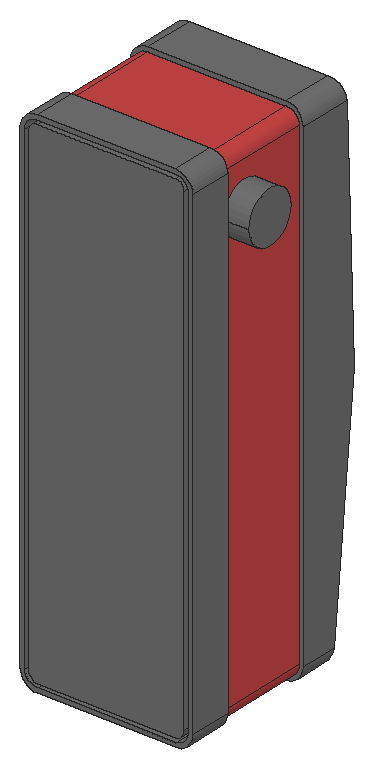
Revit family
Parameters (values of type "Jackshaft Opener 24V DC")
  Voltage = 24 V
  URL = "http://www.liftmaster.com/consumerweb"
  Type Comments = "Garage Door Opener"  # constant formula
  Total Width = 10"  # constant formula
  Total Height = 30"  # constant formula
  Total Depth = 10"  # constant formula
  Series = "Residential-Elite"  # constant formula
  Revisions Date = "12/15/2010"  # constant formula
  Power Factor = 1
  OmniClass Title = "Automatic Door Controls and Operators"  # constant formula
  OmniClass Number = "23-30.40.11.34"  # constant formula
  Number of Poles = 1
  Mounting Height [instance] = 60"
  Model = "G3800PLD"  # constant formula
  MasterFormat Title = "Automatic Door Operators"  # constant formula
  MasterFormat Number = "08.71.13"  # constant formula
  Manufacturer = "LiftMaster"  # constant formula
  Enclosure Finish Outer = Metal-LiftMaster-Steel-Dark
  Description = "Residential-DC Motor Jackshaft Opener"  # constant formula
  Created by = "CADdetails, LTD"  # constant formula
  Enclosure Finish Center = Metal-LiftMaster-Steel-Red
  Assembly Code = "E1010900"
  Architectural Design Manual = "http://specs.chamberlain.com/NR/rdonlyres/96A0A2DE-A58D-4F04-B1C8-838695A9FF41/2493/3800_rev_6_09.pdf"
  Apparent Power = 120 W
Reference planes (in)
  plane 1: y = 0
  plane 2 "Center (Left/Right)": x = 0
  plane 3 "Wall Edge": y = 1.15471
  plane 4: y = 1.15471
  plane 5: z = 0
  plane 6 "Center (Elevation)": z = 45
  plane 7 "Top": z = 60
  plane 8 "Bottom": z = 30
  plane 9: y = 11.15471
  plane 10 "Left": x = 5
  plane 11 "Right": x = -5
  plane 12 "Center": y = 9.15471
  plane 13: y = 3.65471
  plane 14: x = -4.75
  plane 15: x = 4.75
  plane 16: z = 59.75
  plane 17: z = 30.25
  plane 18: z = 33
  plane 19: through (0, 11.15454, 30.53434) normal (0, 0.9903, -0.1392)
  plane 20: y = 13.15471
  plane 21: x = -3.5
  plane 22: x = 3.5
  plane 23: y = 19.70584
  plane 24: y = 5.15471
  plane 25: z = 56.53527
  plane 26: x = 3.5
  plane 27: y = 2.65471
Forms (in)
  Sweep 1, solid, material "Metal-LiftMaster-Steel-Dark" <- "Enclosure Finish Outer", detail levels medium+fine
    path origin (-17.43169, 9.15471, 72) x (-1, 0, 0) y (0, 0, 1)
      loop
        arc (-21.43169, -12) -> (-22.13879, -12.29289) -> (-22.43169, -13) r 1
        line (-22.43169, -13) -> (-22.43169, -41)
        arc (-22.43169, -41) -> (-22.13879, -41.70711) -> (-21.43169, -42) r 1
        line (-21.43169, -42) -> (-13.43169, -42)
        arc (-13.43169, -42) -> (-12.72458, -41.70711) -> (-12.43169, -41) r 1
        line (-12.43169, -41) -> (-12.43169, -13)
        arc (-12.43169, -13) -> (-12.72458, -12.29289) -> (-13.43169, -12) r 1
        line (-13.43169, -12) -> (-21.43169, -12)
    profile origin (0, 9.15471, 60) x (0, 0, 1) y (0, 1, 0)
      loop
        line (0.00026, 0) -> (0.00026, 8) -> (-0.24974, 8) -> (-0.24974, 0.2285) -> (-0.49987, 0.2285) -> (-0.49987, 0) -> (0.00026, 0)
      loop
        line (-0.50013, -5.5) -> (-0.50013, -5.75) -> (-0.24974, -5.75) -> (-0.24974, -8) -> (0, -8) -> (0, -5.5) -> (-0.50013, -5.5)
  Extrusion 2, void
    sketch origin (0, 0, 0) x (0, -1, 0) y (0, 0, 1)
      loop
        arc (-10.56063, 27) -> (-12.78222, 45.45067) -> (-11.64444, 63.99974) r 102.76149
        line (-11.64444, 63.99974) -> (-19.70584, 63.99974) -> (-19.70584, 27) -> (-10.56063, 27)
    from -5.99697 to 6.01223
  Extrusion 3, solid, material "Metal-LiftMaster-Steel-Dark" <- "Enclosure Finish Outer", detail levels medium+fine
    sketch origin (0, 1.15471, 0) x (1, 0, 0) y (0, 0, 1)
      loop
        arc (4.50013, 59) -> (4.35364, 59.35364) -> (4, 59.50013) r 0.50013
        line (4, 59.50013) -> (-4, 59.50013)
        arc (-4, 59.50013) -> (-4.35364, 59.35364) -> (-4.50013, 59) r 0.50013
        line (-4.50013, 59) -> (-4.50013, 31)
        arc (-4.50013, 31) -> (-4.35364, 30.64636) -> (-4, 30.49987) r 0.50013
        line (-4, 30.49987) -> (4, 30.49987)
        arc (4, 30.49987) -> (4.35364, 30.64636) -> (4.50013, 31) r 0.50013
        line (4.50013, 31) -> (4.50013, 59)
    from -12 to 0
  Extrusion 4, void
    sketch origin (0, 0, 0) x (0, 1, 0) y (0, 0, 1)
      loop
        line (19.70584, 60.5) -> (11.87247, 60.5)
        arc (11.87247, 60.5) -> (12.50595, 45.2123) -> (10.86243, 30) r 102.76149
        line (10.86243, 30) -> (19.70584, 30) -> (19.70584, 60.5)
    from -4.75 to 4.75
  Extrusion 5, solid, material "Metal-LiftMaster-Steel-Dark" <- "Enclosure Finish Outer", detail levels fine
    sketch origin (0, 0, 0) x (0, 1, 0) y (0, 0, 1)
      loop
        line (12.59312, 43.5) -> (12.43494, 43.5)
        arc (12.43494, 43.5) -> (12.03694, 38.23631) -> (11.36917, 33) r 102.76149
        line (11.36917, 33) -> (11.53825, 33)
        arc (11.53825, 33) -> (12.20056, 38.23645) -> (12.59312, 43.5) r 102.76149
    from -3.5 to 3.5
  Sweep 6, solid, material "Metal-LiftMaster-Steel-Dark" <- "Enclosure Finish Outer", detail levels fine
    path origin (7.44313, 9, 56.53527) x (1, 0, 0) y (0, 1, 0)
      loop
        line (-2.68861, -3.84529) -> (-1.18861, -3.84529)
    profile origin (5.50452, 5.15471, 56.53527) x (0, 1, 0) y (0, 0, 1)
      loop
        circle (0, 0) r 1.5
  Sweep 7, solid, material "Metal-LiftMaster-Steel-Red" <- "Enclosure Finish Center", detail levels medium+fine
    path origin (-17.43169, 9.15471, 72) x (-1, 0, 0) y (0, 0, 1)
      loop
        arc (-21.43169, -12) -> (-22.13879, -12.29289) -> (-22.43169, -13) r 1
        line (-22.43169, -13) -> (-22.43169, -41)
        arc (-22.43169, -41) -> (-22.13879, -41.70711) -> (-21.43169, -42) r 1
        line (-21.43169, -42) -> (-13.43169, -42)
        arc (-13.43169, -42) -> (-12.72458, -41.70711) -> (-12.43169, -41) r 1
        line (-12.43169, -41) -> (-12.43169, -13)
        arc (-12.43169, -13) -> (-12.72458, -12.29289) -> (-13.43169, -12) r 1
        line (-13.43169, -12) -> (-21.43169, -12)
    profile origin (0, 9.15471, 60) x (0, 0, 1) y (0, 1, 0)
      loop
        line (-0.25, 0) -> (-0.49987, 0) -> (-0.49987, -5.5) -> (-0.25, -5.5) -> (-0.25, 0)
  Extrusion 8, solid, material "Metal-LiftMaster-Steel-Dark" <- "Enclosure Finish Outer", detail levels coarse
    sketch origin (7.44313, 9, 56.53527) x (1, 0, 0) y (0, 1, 0)
      loop
        line (-12.44313, 4.15471) -> (-12.44313, -7.84529) -> (-2.44313, -7.84529) -> (-2.44313, 4.15471) -> (-12.44313, 4.15471)
    from -26.53527 to 3.46473
Cuts and joins
  Extrusion 4 cuts Extrusion 3
  Extrusion 2 cuts Sweep 1
Lines and regions (in)
  model lines, detail levels fine
    curve 1: line (3.5, 2.65471, 30) -> (3.5, 2.65471, 18)
Text (in)
  text "Placement Side" at (0, 40.15149, 123.01588), in view "Right"
  text "Placement Side" at (-99.39786, 38.93316, 0), in view "Ref. Level"
  text "Placement Side" at (0, 81.62555, 140.59947), in view "Left"
Dimensions and locks (in)
  locked: plane 3 "Wall Edge" to host wall
  equal spacing: plane 8 "Bottom", plane 6 "Center (Elevation)", plane 7 "Top"
  "Total Height": plane 8 "Bottom" to plane 7 "Top"
  "Total Depth": plane 9 to plane 4
  equal spacing: plane 11 "Right", plane 2 "Center (Left/Right)", plane 10 "Left"
  "Total Width": plane 11 "Right" to plane 10 "Left"
  locked: plane 11 "Right" to plane 14 at 0.25
  locked: plane 15 to plane 10 "Left" at 0.25
  locked: plane 16 to plane 7 "Top" at 0.25
  locked: plane 8 "Bottom" to plane 17 at 0.25
  locked: plane 8 "Bottom" to plane 18 at 3
  locked: plane 20 to plane 9 at 2
  locked: plane 22 to plane 15 at 1.25
  locked: plane 14 to plane 21 at 1.25
  locked: plane 6 "Center (Elevation)" to Extrusion 5 sketch curve at 1.5
  Sweep 1 sketch curve to plane 12 "Center" = 8"
  locked: Extrusion 5 sketch curve to Extrusion 5 sketch curve at 0.15818
  locked: plane 25 to plane 7 "Top" at 3.46473
  locked: Sweep 6 sketch curve to Sweep 6 sketch curve at 1.5
  locked: Sweep 6 sketch curve to plane 10 "Left" at 0.24548
  locked: plane 24 to plane 13 at 1.5
  locked: plane 27 to plane 4 at 1.5
  locked: plane 26 to plane 10 "Left" at 1.5
  locked: plane 8 "Bottom" to curve 1 at 12
  locked: plane 9 to plane 12 "Center" at 2
  locked: plane 13 to plane 4 at 2.5
  "Mounting Height": level to plane 7 "Top"
  locked: plane 9 to plane 23 at 8.55113
  locked: Extrusion 2 to plane 11 "Right" at 1.01223
  locked: plane 10 "Left" to Extrusion 2 at 0.99697
  locked: Sweep 1 sketch curve to Sweep 1 sketch curve at 0.50013  (x2)
  locked: Sweep 7 sketch curve to Sweep 7 sketch curve at 0.24987
  aligned and locked: plane 4 to plane 3 "Wall Edge"
  aligned and locked: level to plane 5
  aligned and locked: Sweep 1 sketch curve to plane 7 "Top"  (x2)
  aligned and locked: plane 11 "Right" to Sweep 1 sketch curve
  aligned and locked: plane 10 "Left" to Sweep 1 sketch curve
  aligned and locked: plane 8 "Bottom" to Sweep 1 sketch curve
  aligned and locked: Extrusion 3 to plane 4
  aligned and locked: Extrusion 4 to plane 14
  aligned and locked: Extrusion 5 to plane 21
  aligned and locked: Extrusion 5 to plane 22
  aligned and locked: plane 18 to Extrusion 5 sketch curve
  aligned and locked: Extrusion 2 to plane 23
  aligned and locked: Extrusion 5 sketch curve to cut or joined group of Extrusion 3, Extrusion 4
  aligned and locked: plane 26 to curve 1
  aligned and locked: cut or joined group of Extrusion 3, Extrusion 4 to plane 15
  aligned and locked: Extrusion 4 sketch curve to plane 23
  aligned and locked: Sweep 7 sketch curve to plane 16
  aligned and locked: Sweep 7 sketch curve to profile plane
  aligned and locked: plane 13 to Sweep 7 sketch curve
  aligned and locked: plane 4 to Sweep 1 sketch curve
  aligned and locked: Sweep 1 sketch curve to plane 13
  aligned and locked: plane 20 to Extrusion 3
  aligned and locked: plane 10 "Left" to Extrusion 8 sketch curve
  aligned and locked: plane 11 "Right" to Extrusion 8 sketch curve
  aligned and locked: Extrusion 8 sketch curve to plane 20
  aligned and locked: plane 4 to Extrusion 8 sketch curve
  aligned and locked: Extrusion 8 to plane 8 "Bottom"
  aligned and locked: plane 7 "Top" to Extrusion 8
Automatic sketch dimensions
  Sweep 1 sketch curve to plane 15 = 3/4"  (x2)
  plane 14 to Sweep 1 sketch curve = 3/4"  (x2)
  plane 9 to Extrusion 2 sketch curve = 8.55113"
  plane 9 to Extrusion 2 sketch curve = 0.48973"
  Extrusion 2 sketch curve to plane 9 = 0.59407"
  plane 6 "Center (Elevation)" to Extrusion 2 sketch curve = 3.4595"
  host wall to Extrusion 2 sketch curve = 85.08991"
  Extrusion 2 sketch curve to plane 8 "Bottom" = 3"
  Extrusion 3 sketch curve to plane 15 = 3/4"
  Extrusion 3 sketch curve to plane 15 = 0.24987"
  Extrusion 3 sketch curve to plane 16 = 0.24987"
  plane 14 to Extrusion 3 sketch curve = 3/4"
  plane 14 to Extrusion 3 sketch curve = 0.24987"
  Extrusion 3 sketch curve to Extrusion 3 sketch curve = 0.50013"  (x2)
  plane 17 to Extrusion 3 sketch curve = 0.24987"
  Extrusion 4 sketch curve to plane 8 "Bottom" = 0"
  Extrusion 4 sketch curve to plane 9 = 0.29228"
  plane 6 "Center (Elevation)" to Extrusion 4 sketch curve = 3.61348"
  plane 7 "Top" to Extrusion 4 sketch curve = 1/2"
  Extrusion 5 sketch curve to Extrusion 5 sketch curve = 0.153"
  Extrusion 5 sketch curve to Extrusion 5 sketch curve = 0.10493"
  Sweep 6 sketch curve to profile plane = 0"  (x2)
  Sweep 6 sketch curve to plane 24 = 0"
  curve 1 to plane 8 "Bottom" = 0"
  curve 1 to plane 27 = 0"
  host wall to Extrusion 4 sketch curve = 85.35395"
  Sweep 1 sketch curve to plane 12 "Center" = 0"
  profile plane to Sweep 1 sketch curve = 0.24974"  (x2)
  Sweep 1 sketch curve to profile plane = 0.00026"
  Sweep 1 sketch curve to Sweep 1 sketch curve = 1/4"
  plane 12 "Center" to Sweep 1 sketch curve = 0.2285"
  Sweep 7 sketch curve to plane 10 "Left" = 0"
  Sweep 7 sketch curve to plane 7 "Top" = 0"
  Sweep 7 sketch curve to plane 8 "Bottom" = 0"
  Sweep 7 sketch curve to plane 11 "Right" = 0"
  Sweep 7 sketch curve to plane 22 = 1/2"  (x2)
  Sweep 7 sketch curve to plane 21 = 1/2"  (x2)
  radius of Sweep 6 sketch curve = 1 1/2"
Connectors (in)
  electrical at (0, 1.15471, 45), driven by "Apparent Power", driven by "Voltage", driven by "Number of Poles"
    settings: on cut or joined group of Extrusion 3, Extrusion 4, index 1
